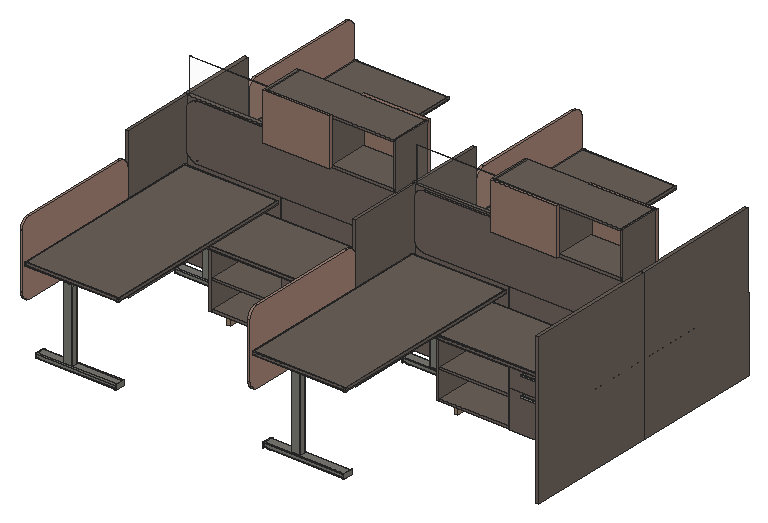
Revit family "T200207", category Furniture, Revit 2018 (continued)
Definition of nested family "STAKS I-BEAM SUPPORTS"
  Types (12): name | Model | Description | Width
    STAKS I-BEAM SUPPORT 70 | "6-RSR-70/16" | "OFS STAKS I-BEAM SUPPORT 70\" Width, x 16\" Depth, Allows for Ideal Position Facilitating a Balanced Leg Design" | 5' - 10"
    STAKS I-BEAM SUPPORT 76 | "6-RSR-76/16" | "OFS STAKS I-BEAM SUPPORT 76\" Width, x 16\" Depth, Allows for Ideal Position Facilitating a Balanced Leg Design" | 6' - 4"
    STAKS I-BEAM SUPPORT 82 | "6-RSR-82/16" | "OFS STAKS I-BEAM SUPPORT 82\" Width, x 16\" Depth, Allows for Ideal Position Facilitating a Balanced Leg Design" | 6' - 10"
  Reference planes (in)
    plane 1: z = 0
    plane 2 "Right": x = 20.97711
    plane 3: x = 12.97711
    plane 4: y = 8.62535
    plane 5: y = 4.00035
    plane 6: y = 20.00035
    plane 7: x = 28.97711
    plane 8: y = 15.37535
    plane 9: z = 0
    plane 10: z = 3.5
    plane 11: x = 13.97711
    plane 12: x = 27.97711
    plane 13: y = 14.37535
    plane 14: y = 9.62535
  Forms (in)
    Extrusion 1, solid, material <- "Support Material"
      sketch origin (0, 0, 0) x (1, 0, 0) y (0, 1, 0)
        loop
          line (13.97711, 15.37535) -> (13.97711, 20.00035) -> (12.97711, 20.00035) -> (12.97711, 4.00035) -> (13.97711, 4.00035) -> (13.97711, 8.62535) -> (27.97711, 8.62535) -> (27.97711, 4.00035) -> (28.97711, 4.00035) -> (28.97711, 20.00035) -> (27.97711, 20.00035) -> (27.97711, 15.37535) -> (13.97711, 15.37535)
        loop
          line (13.97711, 14.37535) -> (13.97711, 9.62535) -> (27.97711, 9.62535) -> (27.97711, 14.37535) -> (13.97711, 14.37535)
      from 0 to 3.5
  Dimensions and locks (in)
    plane 5 to plane 4 to plane 14 = 0' - 4 5/8" locked, 0' - 1" locked
    "Width": plane 3 to plane 7
    equal spacing: plane 3, plane 2 "Right", plane 7
    plane 13 to plane 8 to plane 6 = 0' - 1" locked, 0' - 4 5/8" locked
    "Depth": plane 5 to plane 6
    "Cushion Thickness": plane 10 to plane 9
    "Height": plane 9 to level
    locked: plane 3 to plane 11 at 1
    locked: plane 12 to plane 7 at 1
    aligned and locked: level to plane 1
    aligned and locked: plane 8 to Extrusion 1 sketch curve
    aligned and locked: plane 13 to Extrusion 1 sketch curve
    aligned and locked: Extrusion 1 sketch curve to plane 12  (x2)
    aligned and locked: plane 6 to Extrusion 1 sketch curve  (x2)
    aligned and locked: Extrusion 1 sketch curve to plane 7
    aligned and locked: plane 12 to Extrusion 1 sketch curve
    aligned and locked: Extrusion 1 sketch curve to plane 4
    aligned and locked: Extrusion 1 sketch curve to plane 11  (x2)
    aligned and locked: Extrusion 1 sketch curve to plane 5
    aligned and locked: plane 3 to Extrusion 1 sketch curve
    aligned and locked: plane 11 to Extrusion 1 sketch curve
    aligned and locked: plane 14 to Extrusion 1 sketch curve
    aligned and locked: plane 10 to Extrusion 1
    aligned and locked: Extrusion 1 to plane 9
  Automatic sketch dimensions
    plane 5 to Extrusion 1 sketch curve = 0' - 0"
Definition of nested family "STAKS LOW HEIGHT OPEN SHELF PEDESTAL - WITH RISER SUPPORT"
  Parameters (values of type "STAKS LOW HEIGHT OPEN SHELF PEDESTAL - WITH RISER SUPPORT 24 x 19")
    URL = "http://www.ofs.com/"
    Riser Support = 0' - 3 1/2"
    Model = "6-RL2419MPD6"
    Manufacturer = "OFS"
    Height = 1' - 6 3/8"
    Drawer Material = none
    Drawer Handle Width = 0' - 5.2495"
    Drawer Handle Material = none
    Description = "OFS STAKS LOW HEIGHT OPEN SHELF PEDESTAL - WITH RISER SUPPORT 24\"W x 19\" D, One Adjustable Shelf, One Stationary Shelf, Use with 22\"D Worksurfaces"
    Width = 2' - 0"
    Depth = 1' - 7 3/8"
    DH2 = 0' - 6 1/2"
    DH1 = 0' - 10"
    Copyright © = "© 2018 OFS"
    Chasis Material = none
    Catalog = "https://ofs.com/products/casegoods/private-office/staks"
    Board Thickness = 0' - 0 3/4"
    Authoring Version = "Autodesk Revit Architecture 2013"
    Assembly Code = "E2020200"
  Types (6): name | Model | Drawer Handle Width | Description | Width | Depth
    STAKS LOW HEIGHT OPEN SHELF PEDESTAL - WITH RISER SUPPORT 24 x 19 | "6-RL2419MPD6" | 0' - 5.2495" | "OFS STAKS LOW HEIGHT OPEN SHELF PEDESTAL - WITH RISER SUPPORT 24\"W x 19\" D, One Adjustable Shelf, One Stationary Shelf, Use with 22\"D Worksurfaces" | 2' - 0" | 1' - 7 3/8"
    STAKS LOW HEIGHT OPEN SHELF PEDESTAL - WITH RISER SUPPORT 24 x 22 | "6-RL2422MPD6" | 0' - 5 1/4" | "OFS STAKS LOW HEIGHT OPEN SHELF PEDESTAL - WITH RISER SUPPORT 24\"W x 22\" D, One Adjustable Shelf, One Stationary Shelf, Use with 22\"D Worksurfaces" | 2' - 0" | 1' - 9 7/8"
    STAKS LOW HEIGHT OPEN SHELF PEDESTAL - WITH RISER SUPPORT 30 x 19 | "6-RL3019MPD6" | 0' - 5 1/4" | "OFS STAKS LOW HEIGHT OPEN SHELF PEDESTAL - WITH RISER SUPPORT 30\"W x 19\" D, One Adjustable Shelf, One Stationary Shelf, Use with 22\"D Worksurfaces" | 2' - 6" | 1' - 7 3/8"
    STAKS LOW HEIGHT OPEN SHELF PEDESTAL - WITH RISER SUPPORT 30 x 22 | "6-RL3022MPD6" | 0' - 5 1/4" | "OFS STAKS LOW HEIGHT OPEN SHELF PEDESTAL - WITH RISER SUPPORT 30\"W x 22\" D, One Adjustable Shelf, One Stationary Shelf, Use with 22\"D Worksurfaces" | 2' - 6" | 1' - 9 7/8"
    STAKS LOW HEIGHT OPEN SHELF PEDESTAL - WITH RISER SUPPORT 36 x 22 | "6-RL3622MPD6" | 0' - 5 1/4" | "OFS STAKS LOW HEIGHT OPEN SHELF PEDESTAL - WITH RISER SUPPORT 36\"W x 22\" D, One Adjustable Shelf, One Stationary Shelf, Use with 22\"D Worksurfaces" | 3' - 0" | 1' - 9 7/8"
    STAKS LOW HEIGHT OPEN SHELF PEDESTAL - WITH RISER SUPPORT 36 x 19 | "6-RL2419MPD6" | 0' - 5 1/4" | "OFS STAKS LOW HEIGHT OPEN SHELF PEDESTAL - WITH RISER SUPPORT 36\"W x 19\" D, One Adjustable Shelf, One Stationary Shelf, Use with 22\"D Worksurfaces" | 3' - 0" | 1' - 7 3/8"
  Reference planes (in)
    plane 1: z = 0
    plane 2 "Right": x = 20.97711
    plane 3: z = 21.875
    plane 4: z = 13.5
    plane 5: z = 13.375
    plane 6: z = 3.5
    plane 7: z = 13.125
    plane 8: z = 21.625
    plane 9: z = 12.656
    plane 10: z = 21.15625
    plane 11: x = 8.97711
    plane 12: y = 1.37535
    plane 13: y = 0.62535
    plane 14: x = 9.03961
    plane 15: x = 32.91411
    plane 16: x = 9.72711
    plane 17: y = 20.00035
    plane 18: x = 32.97711
    plane 19: x = 32.22711
    plane 20: y = -0.18715
    plane 21: y = -0.37465
    plane 22: z = 20
    plane 23: z = 19.875
    plane 24: z = 19.625
    plane 25: z = 19.156
    plane 26: z = 3.75
    plane 27: y = 19.25035
    plane 28: z = 4.25
    plane 29: y = 16.75035
    plane 30: y = 4.37535
    plane 31: y = 8.37535
    plane 32: y = 12.75035
    plane 33: y = 5.00035
    plane 34: y = 13.37535
    plane 35: z = 22
    plane 36: z = 20.375
    plane 37: x = 21.35211
    plane 38: x = 20.60211
    plane 39: x = 21.00836
    plane 40: x = 20.94586
    plane 41: x = 14.99274
    plane 42: x = 17.61749
    plane 43: x = 12.36799
    plane 44: x = 12.74299
    plane 45: x = 17.24249
    plane 46: x = 26.96124
    plane 47: x = 24.33649
    plane 48: x = 29.58599
    plane 49: x = 29.21099
    plane 50: x = 24.71149
  Forms (in)
    Extrusion 1, solid, material <- "Chasis Material"
      sketch origin (-3, -1.24965, 0) x (1, 0, 0) y (0, 0, 1)
        loop
          line (11.97711, 3.5) -> (12.72711, 3.5) -> (12.72711, 21.875) -> (11.97711, 21.875) -> (11.97711, 3.5)
      from -21.25 to -2.625
    Extrusion 2, solid, material <- "Chasis Material"
      sketch origin (19.35211, 31.02324, 0) x (0, 1, 0) y (0, 0, 1)
        loop
          line (-11.77289, 3.5) -> (-11.02289, 3.5) -> (-11.02289, 21.875) -> (-11.77289, 21.875) -> (-11.77289, 3.5)
      from -9.625 to 12.875
    Extrusion 3, solid, material <- "Chasis Material"
      sketch origin (0, 0, 0) x (1, 0, 0) y (0, 1, 0)
        loop
          line (32.97711, 20.00035) -> (32.22711, 20.00035) -> (32.22711, 1.37535) -> (32.97711, 1.37535) -> (32.97711, 20.00035)
      from 3.5 to 21.875
    Extrusion 4, solid, material <- "Chasis Material"
      sketch origin (-29.79592, -1.62465, 7.24693) x (1, 0, 0) y (0, 0, 1)
        loop
          line (39.52304, 13.90932) -> (62.02304, 13.90932) -> (62.02304, 14.62807) -> (39.52304, 14.62807) -> (39.52304, 13.90932)
      from -20.875 to -3
    Extrusion 5, solid, material <- "Chasis Material"
      sketch origin (-31.5409, -1.62465, -42.72261) x (1, 0, 0) y (0, 0, 1)
        loop
          line (41.26801, 46.22261) -> (63.76801, 46.22261) -> (63.76801, 46.97261) -> (41.26801, 46.97261) -> (41.26801, 46.22261)
      from -20.875 to -3
    Extrusion 6, solid
      sketch origin (0, 0, 0) x (1, 0, 0) y (0, 1, 0)
        loop
          line (9.03961, 20.00035) -> (9.03961, 1.62535) -> (32.91411, 1.62535) -> (32.91411, 20.00035) -> (9.03961, 20.00035)
        loop
          line (32.22711, 2.37535) -> (32.22711, 10.12535) -> (9.72711, 10.12535) -> (9.72711, 2.37535) -> (32.22711, 2.37535)
        loop
          line (32.22711, 10.75035) -> (32.22711, 19.25035) -> (9.72711, 19.25035) -> (9.72711, 10.75035) -> (32.22711, 10.75035)
      from 21.875 to 22
    Extrusion 7, solid, material <- "Chasis Material"
      sketch origin (41.95422, 1.87535, 0) x (-1, 0, 0) y (0, 0, -1)
        loop
          line (9.72711, -13.375) -> (32.22711, -13.375) -> (32.22711, -12.656) -> (9.72711, -12.656) -> (9.72711, -13.375)
      from -17.375 to 0.5
  Dimensions and locks (in)
    "Board Thickness": plane 13 to plane 12
    locked: plane 11 to plane 14 at 0.0625
    "Board Thickness": plane 11 to plane 16
    locked: plane 15 to plane 18 at 0.063
    "Width": plane 11 to plane 18
    Extrusion 3 sketch curve to plane 18 = 0' - 0 3/4"
    "Board Thickness": plane 19 to plane 18
    equal spacing: plane 11, plane 2 "Right", plane 18
    plane 21 to plane 20 to plane 13 = 0' - 0 3/16" locked, 0' - 0 13/16" locked
    "Riser Support": plane 6 to level
    "Height": plane 3 to plane 6
    "DH1": plane 4 to plane 6
    "DH2": plane 22 to plane 4
    locked: plane 26 to plane 6 at 0.25
    "Board Thickness": plane 27 to plane 17
    "Depth": plane 13 to plane 17
    plane 4 to plane 5 to plane 7 to plane 9 = 0' - 0 1/8" locked, 0' - 0 1/4" locked, 0' - 0.469" locked
    plane 22 to plane 23 to plane 24 to plane 25 = 0' - 0 1/8" locked, 0' - 0 1/4" locked, 0' - 0.469" locked
    plane 3 to plane 8 to plane 10 = 0' - 0 1/4" locked, 0' - 0 15/32" locked
    "Board Thickness": plane 28 to plane 6
    plane 12 to plane 30 to plane 31 = 0' - 3" locked, 0' - 4" locked
    plane 32 to plane 29 to plane 27 = 0' - 4" locked, 0' - 2 1/2" locked
    locked: plane 30 to plane 33 at 0.625
    locked: plane 32 to plane 34 at 0.625
    locked: plane 35 to plane 3 at 0.125
    "Board Thickness": plane 36 to plane 24
    equal spacing: plane 38, plane 2 "Right", plane 37
    "Board Thickness": plane 38 to plane 37
    equal spacing: plane 40, plane 2 "Right", plane 39
    equal spacing: plane 14, plane 41, plane 40
    equal spacing: plane 43, plane 41, plane 42
    "Drawer Handle Width": plane 43 to plane 42
    locked: plane 43 to plane 44 at 0.375
    locked: plane 45 to plane 42 at 0.375
    equal spacing: plane 15, plane 46, plane 39
    equal spacing: plane 48, plane 46, plane 47
    "Drawer Handle Width": plane 48 to plane 47
    locked: plane 48 to plane 49 at 0.375
    locked: plane 50 to plane 47 at 0.375
    aligned and locked: level to plane 1
    aligned and locked: plane 12 to Extrusion 1
    aligned and locked: Extrusion 1 to plane 17
    aligned and locked: Extrusion 2 to plane 16
    aligned and locked: plane 16 to Extrusion 1
    aligned and locked: Extrusion 1 to plane 11
    aligned and locked: Extrusion 2 to plane 17
    aligned and locked: plane 19 to Extrusion 2
    aligned and locked: plane 3 to Extrusion 1
    aligned and locked: plane 3 to Extrusion 2
    aligned and locked: Extrusion 3 to plane 19
    aligned and locked: plane 3 to Extrusion 3
    aligned and locked: Extrusion 3 to plane 6
    aligned and locked: plane 3 to Extrusion 4
    aligned and locked: Extrusion 4 to plane 10
    aligned and locked: plane 19 to Extrusion 4
    aligned and locked: Extrusion 4 to plane 16
    aligned and locked: plane 28 to Extrusion 5
    aligned and locked: Extrusion 5 to plane 6
    aligned and locked: Extrusion 5 to plane 27
    aligned and locked: plane 12 to Extrusion 5
    aligned and locked: plane 19 to Extrusion 5
    aligned and locked: Extrusion 5 to plane 16
    aligned and locked: Extrusion 6 to plane 3
    aligned and locked: plane 35 to Extrusion 6
    aligned and locked: Extrusion 4 to plane 27
    aligned and locked: plane 12 to Extrusion 4
    aligned and locked: Extrusion 7 to plane 9
    aligned and locked: plane 5 to Extrusion 7
    aligned and locked: plane 19 to Extrusion 7
    aligned and locked: Extrusion 7 to plane 27
    aligned and locked: plane 12 to Extrusion 7
    aligned and locked: Extrusion 6 sketch curve to plane 17
    aligned and locked: Extrusion 6 sketch curve to plane 27
    aligned and locked: plane 16 to Extrusion 6 sketch curve
    aligned and locked: plane 19 to Extrusion 6 sketch curve
    aligned and locked: Extrusion 2 to plane 6
    aligned and locked: Extrusion 1 to plane 6
    aligned and locked: Extrusion 7 to plane 16
  Automatic sketch dimensions
    level to Extrusion 1 sketch curve = 0' - 3 1/2"
    Extrusion 1 sketch curve to plane 11 = 0' - 0"
    Extrusion 1 sketch curve to plane 3 = 0' - 0"
    Extrusion 1 sketch curve to plane 16 = 0' - 0"
    level to Extrusion 2 sketch curve = 0' - 3 1/2"
    Extrusion 2 sketch curve to plane 3 = 0' - 0"
    Extrusion 2 sketch curve to plane 17 = 0' - 0"
    plane 27 to Extrusion 2 sketch curve = 0' - 0"
    plane 12 to Extrusion 3 sketch curve = 0' - 0"
    Extrusion 3 sketch curve to plane 18 = 0' - 0"
    plane 17 to Extrusion 3 sketch curve = 0' - 0"
    Extrusion 4 sketch curve to plane 10 = 0' - 0"
    Extrusion 4 sketch curve to plane 16 = 0' - 0"
    Extrusion 4 sketch curve to plane 3 = 0' - 0"
    Extrusion 4 sketch curve to plane 19 = 0' - 0"
    level to Extrusion 5 sketch curve = 0' - 3 1/2"
    Extrusion 5 sketch curve to plane 16 = 0' - 0"
    Extrusion 5 sketch curve to plane 19 = 0' - 0"
    Extrusion 5 sketch curve to plane 28 = 0' - 0"
    Extrusion 7 sketch curve to plane 9 = 0' - 0"
    Extrusion 7 sketch curve to plane 19 = 0' - 0"
    Extrusion 7 sketch curve to plane 37 = 0' - 11 5/8"
    Extrusion 7 sketch curve to plane 5 = 0' - 0"
    Extrusion 6 sketch curve to plane 14 = 0' - 0"
    Extrusion 6 sketch curve to plane 16 = 0' - 0"
    Extrusion 6 sketch curve to plane 19 = 0' - 0"
    Extrusion 6 sketch curve to plane 15 = 0' - 0"
    plane 32 to Extrusion 6 sketch curve = 0' - 2 5/8"
    plane 34 to Extrusion 6 sketch curve = 0' - 2 5/8"
    Extrusion 6 sketch curve to plane 13 = 0' - 1"
    Extrusion 6 sketch curve to plane 12 = 0' - 1"
Definition of nested family "STAKS LOW HEIGHT PEDESTAL WIDE - BOX-FILE - WITH RISER SUPPORT"
  Parameters (values of type "STAKS LOW HEIGHT PEDESTAL WIDE - BOX-FILE - WITH RISER SUPPORT 24in W x 19in D")
    URL = "http://www.ofs.com/"
    Riser Support = 0' - 3 1/2"
    Model = "6-RL2419MPD11"
    Manufacturer = "OFS"
    Height = 1' - 6 3/8"
    Drawer Material = none
    Drawer Handle Width = 1' - 3 1/8"
    Drawer Handle Material = none
    Description = "OFS STAKS LOW HEIGHT PEDESTAL WIDE - BOX-FILE - WITH RISER SUPPORT 24\" Width, 19\" Depth, One Box Drawer, One File Drawer, Use with 22\"D Worksurfaces"
    Width = 2' - 0"
    Depth = 1' - 7 3/8"
    DH2 = 0' - 6 1/2"
    DH1 = 1' - 0 3/8"
    Copyright © = "© 2018 OFS"
    Chasis Material = none
    Catalog = "https://ofs.com/products/casegoods/private-office/staks"
    Board Thickness = 0' - 0 3/4"
    Authoring Version = "Autodesk Revit Architecture 2013"
    Assembly Code = "E2020200"
  Types (6): name | Model | Description | Width | Depth
    STAKS LOW HEIGHT PEDESTAL WIDE - BOX-FILE - WITH RISER SUPPORT 24in W x 19in D | "6-RL2419MPD11" | "OFS STAKS LOW HEIGHT PEDESTAL WIDE - BOX-FILE - WITH RISER SUPPORT 24\" Width, 19\" Depth, One Box Drawer, One File Drawer, Use with 22\"D Worksurfaces" | 2' - 0" | 1' - 7 3/8"
    STAKS LOW HEIGHT PEDESTAL WIDE - BOX-FILE - WITH RISER SUPPORT 24in W x 22in D | "6-RL2422MPD11" | "OFS STAKS LOW HEIGHT PEDESTAL WIDE - BOX-FILE - WITH RISER SUPPORT 24\" Width, 22\" Depth, One Box Drawer, One File Drawer, Use with 22\"D Worksurfaces" | 2' - 0" | 1' - 9 7/8"
    STAKS LOW HEIGHT PEDESTAL WIDE - BOX-FILE - WITH RISER SUPPORT 30in W x 19in D | "6-RL3019MPD11" | "OFS STAKS LOW HEIGHT PEDESTAL WIDE - BOX-FILE - WITH RISER SUPPORT 30\" Width, 19\" Depth, One Box Drawer, One File Drawer, Use with 22\"D Worksurfaces" | 2' - 6" | 1' - 7 3/8"
    STAKS LOW HEIGHT PEDESTAL WIDE - BOX-FILE - WITH RISER SUPPORT 30in W x 22in D | "6-RL3022MPD11" | "OFS STAKS LOW HEIGHT PEDESTAL WIDE - BOX-FILE - WITH RISER SUPPORT 30\" Width, 22\" Depth, One Box Drawer, One File Drawer, Use with 22\"D Worksurfaces" | 2' - 6" | 1' - 9 7/8"
    STAKS LOW HEIGHT PEDESTAL WIDE - BOX-FILE - WITH RISER SUPPORT 36in W x 19in D | "6-RL3619MPD11" | "OFS STAKS LOW HEIGHT PEDESTAL WIDE - BOX-FILE - WITH RISER SUPPORT 36\" Width, 19\" Depth, One Box Drawer, One File Drawer, Use with 22\"D Worksurfaces" | 3' - 0" | 1' - 7 3/8"
    STAKS LOW HEIGHT PEDESTAL WIDE - BOX-FILE - WITH RISER SUPPORT 36in W x 22in D | "6-RL3622MPD11" | "OFS STAKS LOW HEIGHT PEDESTAL WIDE - BOX-FILE - WITH RISER SUPPORT 36\" Width, 22\" Depth, One Box Drawer, One File Drawer, Use with 22\"D Worksurfaces" | 3' - 0" | 1' - 9 7/8"
  Reference planes (in)
    plane 1: z = 0
    plane 2 "Right": x = 20.97711
    plane 3: z = 21.875
    plane 4: z = 15.875
    plane 5: z = 15.75
    plane 6: z = 3.5
    plane 7: z = 15.5
    plane 8: z = 21.625
    plane 9: z = 15.031
    plane 10: z = 21.15625
    plane 11: x = 8.97711
    plane 12: y = 1.37535
    plane 13: y = 0.62535
    plane 14: x = 9.03961
    plane 15: x = 32.91411
    plane 16: x = 9.72711
    plane 17: y = 20.00035
    plane 18: x = 32.97711
    plane 19: x = 32.22711
    plane 20: x = 13.41461
    plane 21: x = 13.78961
    plane 22: x = 28.53961
    plane 23: x = 28.16461
    plane 24: y = -0.18715
    plane 25: y = -0.37465
    plane 26: z = 3.75
    plane 27: y = 19.25035
    plane 28: z = 4.25
    plane 29: y = 16.75035
    plane 30: y = 4.37535
    plane 31: y = 8.37535
    plane 32: y = 12.75035
    plane 33: y = 5.00035
    plane 34: y = 13.37535
    plane 35: z = 22
  Forms (in)
    Extrusion 1, solid, material <- "Drawer Material"
      sketch origin (20.35211, 5, -13.1802) x (0, 1, 0) y (0, 0, 1)
        loop
          line (-4.37465, 28.9302) -> (-4.37465, 16.9302) -> (-3.62465, 16.9302) -> (-3.62465, 28.9302) -> (-4.37465, 28.9302)
      from -11.3125 to 12.562
    Extrusion 2, solid, material <- "Drawer Material"
      sketch origin (20.35211, 2.25, -7.68015) x (0, 1, 0) y (0, 0, 1)
        loop
          line (-1.62465, 29.55515) -> (-1.62465, 23.55515) -> (-0.87465, 23.55515) -> (-0.87465, 29.55515) -> (-1.62465, 29.55515)
      from -11.3125 to 12.562
    Extrusion 3, solid, material <- "Chasis Material"
      sketch origin (-3, -1.24965, 0) x (1, 0, 0) y (0, 0, 1)
        loop
          line (11.97711, 3.5) -> (12.72711, 3.5) -> (12.72711, 21.875) -> (11.97711, 21.875) -> (11.97711, 3.5)
      from -21.25 to -2.625
    Extrusion 4, solid, material <- "Chasis Material"
      sketch origin (19.35211, 31.02324, 0) x (0, 1, 0) y (0, 0, 1)
        loop
          line (-11.77289, 3.5) -> (-11.02289, 3.5) -> (-11.02289, 21.875) -> (-11.77289, 21.875) -> (-11.77289, 3.5)
      from -9.625 to 12.875
    Extrusion 5, solid, material <- "Drawer Handle Material"
      sketch origin (9, 0, 9.60933) x (1, 0, 0) y (0, 1, 0)
        loop
          line (4.41461, 0.62535) -> (4.41461, -0.37465) -> (19.53961, -0.37465) -> (19.53961, 0.62535) -> (19.16461, 0.62535) -> (19.16461, -0.18715) -> (4.78961, -0.18715) -> (4.78961, 0.62535) -> (4.41461, 0.62535)
      from 5.42167 to 5.89067
    Extrusion 6, solid, material <- "Drawer Handle Material"
      sketch origin (9, 0, 20.67137) x (1, 0, 0) y (0, 1, 0)
        loop
          line (4.41461, 0.62535) -> (4.41461, -0.37465) -> (19.53961, -0.37465) -> (19.53961, 0.62535) -> (19.16461, 0.62535) -> (19.16461, -0.18715) -> (4.78961, -0.18715) -> (4.78961, 0.62535) -> (4.41461, 0.62535)
      from 0.48488 to 0.95363
    Extrusion 7, solid, material <- "Chasis Material"
      sketch origin (0, 0, 0) x (1, 0, 0) y (0, 1, 0)
        loop
          line (32.97711, 20.00035) -> (32.22711, 20.00035) -> (32.22711, 1.37535) -> (32.97711, 1.37535) -> (32.97711, 20.00035)
      from 3.5 to 21.875
    Extrusion 8, solid, material <- "Chasis Material"
      sketch origin (-29.79592, -7.12465, 7.24693) x (1, 0, 0) y (0, 0, 1)
        loop
          line (39.52304, 13.90932) -> (62.02304, 13.90932) -> (62.02304, 14.62807) -> (39.52304, 14.62807) -> (39.52304, 13.90932)
      from -26.375 to -8.5
    Extrusion 9, solid, material <- "Chasis Material"
      sketch origin (-31.5409, -1.62465, -42.72261) x (1, 0, 0) y (0, 0, 1)
        loop
          line (41.26801, 46.22261) -> (63.76801, 46.22261) -> (63.76801, 46.97261) -> (41.26801, 46.97261) -> (41.26801, 46.22261)
      from -20.875 to -3
    Extrusion 10, solid
      sketch origin (0, 0, 0) x (1, 0, 0) y (0, 1, 0)
        loop
          line (32.91411, 20.00035) -> (32.22711, 20.00035) -> (32.22711, 1.37535) -> (32.91411, 1.37535) -> (32.91411, 20.00035)
        loop
          line (9.03961, 20.00035) -> (9.03961, 1.37535) -> (9.72711, 1.37535) -> (9.72711, 20.00035) -> (9.03961, 20.00035)
      from 21.875 to 22
  Dimensions and locks (in)
    "Board Thickness": plane 13 to plane 12
    locked: plane 11 to plane 14 at 0.0625
    "Board Thickness": plane 11 to plane 16
    locked: plane 15 to plane 18 at 0.063
    "Width": plane 11 to plane 18
    Extrusion 7 sketch curve to plane 18 = 0' - 0 3/4"
    "Board Thickness": plane 19 to plane 18
    equal spacing: plane 11, plane 2 "Right", plane 18
    locked: plane 20 to plane 21 at 0.375
    locked: plane 23 to plane 22 at 0.375
    equal spacing: plane 20, plane 2 "Right", plane 22
    "Drawer Handle Width": plane 20 to plane 22
    plane 25 to plane 24 to plane 13 = 0' - 0 3/16" locked, 0' - 0 13/16" locked
    "Riser Support": plane 6 to level
    "Height": plane 3 to plane 6
    "DH1": plane 4 to plane 6
    locked: plane 26 to plane 6 at 0.25
    "Board Thickness": plane 27 to plane 17
    "Depth": plane 13 to plane 17
    plane 4 to plane 5 to plane 7 to plane 9 = 0' - 0 1/8" locked, 0' - 0 1/4" locked, 0' - 0.469" locked
    plane 3 to plane 8 to plane 10 = 0' - 0 1/4" locked, 0' - 0 15/32" locked
    "Board Thickness": plane 28 to plane 6
    plane 12 to plane 30 to plane 31 = 0' - 3" locked, 0' - 4" locked
    plane 32 to plane 29 to plane 27 = 0' - 4" locked, 0' - 2 1/2" locked
    locked: plane 30 to plane 33 at 0.625
    locked: plane 32 to plane 34 at 0.625
    locked: plane 35 to plane 3 at 0.125
    aligned and locked: level to plane 1
    aligned and locked: Extrusion 1 to plane 14
    aligned and locked: plane 15 to Extrusion 1
    aligned and locked: Extrusion 2 to plane 12
    aligned and locked: plane 13 to Extrusion 2
    aligned and locked: plane 15 to Extrusion 2
    aligned and locked: Extrusion 2 to plane 14
    aligned and locked: plane 12 to Extrusion 3
    aligned and locked: Extrusion 3 to plane 17
    aligned and locked: Extrusion 4 to plane 16
    aligned and locked: plane 16 to Extrusion 3
    aligned and locked: Extrusion 3 to plane 11
    aligned and locked: Extrusion 4 to plane 17
    aligned and locked: Extrusion 1 sketch curve to plane 12
    aligned and locked: plane 13 to Extrusion 1 sketch curve
    aligned and locked: plane 19 to Extrusion 4
    aligned and locked: plane 3 to Extrusion 3
    aligned and locked: Extrusion 6 to plane 22
    aligned and locked: Extrusion 5 to plane 22
    aligned and locked: plane 23 to Extrusion 6
    aligned and locked: plane 23 to Extrusion 5
    aligned and locked: plane 21 to Extrusion 6
    aligned and locked: plane 21 to Extrusion 5
    aligned and locked: Extrusion 6 to plane 20
    aligned and locked: Extrusion 5 to plane 20
    aligned and locked: plane 24 to Extrusion 6
    aligned and locked: plane 7 to Extrusion 5
    aligned and locked: Extrusion 5 to plane 9
    aligned and locked: plane 3 to Extrusion 4
    aligned and locked: Extrusion 1 to plane 26
    aligned and locked: Extrusion 7 to plane 19
    aligned and locked: plane 3 to Extrusion 7
    aligned and locked: Extrusion 7 to plane 6
    aligned and locked: plane 3 to Extrusion 8
    aligned and locked: Extrusion 8 to plane 10
    aligned and locked: plane 28 to Extrusion 9
    aligned and locked: Extrusion 9 to plane 6
    aligned and locked: Extrusion 9 to plane 27
    aligned and locked: plane 12 to Extrusion 9
    aligned and locked: plane 19 to Extrusion 9
    aligned and locked: Extrusion 9 to plane 16
    aligned and locked: Extrusion 10 to plane 3
    aligned and locked: plane 35 to Extrusion 10
    aligned and locked: plane 3 to Extrusion 2
    aligned and locked: plane 8 to Extrusion 6
    aligned and locked: Extrusion 6 to plane 10
    aligned and locked: Extrusion 8 to plane 27
    aligned and locked: plane 12 to Extrusion 8
  Automatic sketch dimensions
    Extrusion 1 sketch curve to plane 26 = 0' - 0"
    Extrusion 1 sketch curve to plane 5 = 0' - 0"
    Extrusion 2 sketch curve to plane 13 = 0' - 0"
    Extrusion 2 sketch curve to plane 4 = 0' - 0"
    Extrusion 2 sketch curve to plane 12 = 0' - 0"
    Extrusion 3 sketch curve to plane 6 = 0' - 0"
    Extrusion 3 sketch curve to plane 11 = 0' - 0"
    Extrusion 3 sketch curve to plane 3 = 0' - 0"
    Extrusion 3 sketch curve to plane 16 = 0' - 0"
    Extrusion 4 sketch curve to plane 6 = 0' - 0"
    Extrusion 4 sketch curve to plane 3 = 0' - 0"
    Extrusion 4 sketch curve to plane 17 = 0' - 0"
    plane 27 to Extrusion 4 sketch curve = 0' - 0"
    plane 13 to Extrusion 5 sketch curve = 0' - 0"  (x2)
    Extrusion 5 sketch curve to plane 20 = 0' - 0"
    Extrusion 5 sketch curve to plane 21 = 0' - 0"
    Extrusion 5 sketch curve to plane 23 = 0' - 0"
    Extrusion 5 sketch curve to plane 22 = 0' - 0"
    plane 25 to Extrusion 5 sketch curve = 0' - 0"
    plane 24 to Extrusion 5 sketch curve = 0' - 0"
    plane 13 to Extrusion 6 sketch curve = 0' - 0"  (x2)
    Extrusion 6 sketch curve to plane 20 = 0' - 0"
    Extrusion 6 sketch curve to plane 21 = 0' - 0"
    Extrusion 6 sketch curve to plane 23 = 0' - 0"
    Extrusion 6 sketch curve to plane 22 = 0' - 0"
    plane 25 to Extrusion 6 sketch curve = 0' - 0"
    plane 24 to Extrusion 6 sketch curve = 0' - 0"
    plane 12 to Extrusion 7 sketch curve = 0' - 0"
    Extrusion 7 sketch curve to plane 18 = 0' - 0"
    plane 17 to Extrusion 7 sketch curve = 0' - 0"
    Extrusion 8 sketch curve to plane 10 = 0' - 0"
    Extrusion 8 sketch curve to plane 16 = 0' - 0"
    Extrusion 8 sketch curve to plane 3 = 0' - 0"
    Extrusion 8 sketch curve to plane 19 = 0' - 0"
    plane 14 to Extrusion 9 sketch curve = 0' - 0 11/16"
    Extrusion 9 sketch curve to plane 6 = 0' - 0"
    plane 6 to Extrusion 9 sketch curve = 0' - 0 3/4"
    Extrusion 9 sketch curve to plane 19 = 0' - 0"
    Extrusion 10 sketch curve to plane 14 = 0' - 0"
    Extrusion 10 sketch curve to plane 15 = 0' - 0"
    Extrusion 10 sketch curve to plane 13 = 0' - 0 3/4"  (x2)
    Extrusion 10 sketch curve to plane 19 = 0' - 0"
    plane 17 to Extrusion 10 sketch curve = 0' - 0"  (x2)
    plane 4 to Extrusion 2 sketch curve = 0' - 6"
    Extrusion 10 sketch curve to plane 16 = 0' - 0"
Definition of nested family "STAKS RECTANGULAR WORKSURFACES Worksurface Height"
  Parameters (values of type "STAKS RECTANGULAR WORKSURFACE 54 x 30")
    URL = "http://www.ofs.com/"
    Height Above Floor [instance] = 2' - 5"
    Height = 0' - 1 1/8"
    Depth = 2' - 6"
    Model = "6-MCT-54/30"
    Manufacturer = "OFS"
    Description = "OFS STAKS 54\" X 30\" RECTANGULAR WORKSURFACE For Worksurface or Low Height Applications, Short Grain"
    Width = 4' - 6"
    Copyright © = "© 2018 OFS"
    Catalog = "https://ofs.com/products/casegoods/private-office/staks"
    Authoring Version = "Autodesk Revit Architecture 2013"
    Assembly Code = "E2020200"
  Types (12): name | Depth | Model | Description | Width
    STAKS RECTANGULAR WORKSURFACE 60 x 30 | 2' - 6" | "6-MCT-60/30" | "OFS STAKS 60\" X 30\" RECTANGULAR WORKSURFACE For Worksurface or Low Height Applications, Short Grain" | 5' - 0"
    STAKS RECTANGULAR WORKSURFACE 66 x 30 | 2' - 6" | "6-MCT-66/30" | "OFS STAKS 66\" X 30\" RECTANGULAR WORKSURFACE For Worksurface or Low Height Applications, Short Grain" | 5' - 6"
    STAKS RECTANGULAR WORKSURFACE 72 x 30 | 2' - 6" | "6-MCT-72/30" | "OFS STAKS 72\" X 30\" RECTANGULAR WORKSURFACE For Worksurface or Low Height Applications, Short Grain" | 6' - 0"
    STAKS RECTANGULAR WORKSURFACE 78 x 30 | 2' - 6" | "6-MCT-78/30" | "OFS STAKS 78\" X 30\" RECTANGULAR WORKSURFACE For Worksurface or Low Height Applications, Short Grain" | 6' - 6"
    STAKS RECTANGULAR WORKSURFACE 84 x 30 | 2' - 6" | "6-MCT-84/30" | "OFS STAKS 84\" X 30\" RECTANGULAR WORKSURFACE For Worksurface or Low Height Applications, Short Grain" | 7' - 0"
    STAKS RECTANGULAR WORKSURFACE 96 x 30 | 2' - 6" | "6-MCT-96/30" | "OFS STAKS 96\" X 30\" RECTANGULAR WORKSURFACE For Worksurface or Low Height Applications, Short Grain" | 8' - 0"
    STAKS RECTANGULAR WORKSURFACE 54 x 30 | 2' - 6" | "6-MCT-54/30" | "OFS STAKS 54\" X 30\" RECTANGULAR WORKSURFACE For Worksurface or Low Height Applications, Short Grain" | 4' - 6"
    STAKS RECTANGULAR WORKSURFACE 60 x 36 | 3' - 0" | "6-MCT-60/36" | "OFS STAKS 60\" X 36\" RECTANGULAR WORKSURFACE For Worksurface or Low Height Applications, Short Grain" | 5' - 0"
    STAKS RECTANGULAR WORKSURFACE 66 x 36 | 3' - 0" | "6-MCT-66/36" | "OFS STAKS 66\" X 36\" RECTANGULAR WORKSURFACE For Worksurface or Low Height Applications, Short Grain" | 5' - 6"
    STAKS RECTANGULAR WORKSURFACE 72 x 36 | 3' - 0" | "6-MCT-72/36" | "OFS STAKS 72\" X 36\" RECTANGULAR WORKSURFACE For Worksurface or Low Height Applications, Short Grain" | 6' - 0"
    STAKS RECTANGULAR WORKSURFACE 78 x 36 | 3' - 0" | "6-MCT-78/36" | "OFS STAKS 78\" X 36\" RECTANGULAR WORKSURFACE For Worksurface or Low Height Applications, Short Grain" | 6' - 6"
    STAKS RECTANGULAR WORKSURFACE 84 x 36 | 3' - 0" | "6-MCT-84/36" | "OFS STAKS 84\" X 36\" RECTANGULAR WORKSURFACE For Worksurface or Low Height Applications, Short Grain" | 7' - 0"
  Reference planes (in)
    plane 1: z = -0.125
    plane 2 "LEFT": x = 7.55498
    plane 3 "RIGHT": x = 61.55498
    plane 4 "BACK": y = -1.83365
    plane 5 "FRONT": y = -31.83365
    plane 6: x = 7.67998
    plane 7: x = 61.42998
    plane 8: y = -1.95865
    plane 9: y = -31.70865
    plane 10: z = 27.75
    plane 11 "SURFACE TOP": z = 28.875
  Forms (in)
    Extrusion 1, solid
      sketch origin (0, 0, 17.125) x (-1, 0, 0) y (0, -1, 0)
        loop
          line (-7.67998, 1.95865) -> (-7.67998, 31.70865) -> (-61.42998, 31.70865) -> (-61.42998, 1.95865) -> (-7.67998, 1.95865)
      from 11.75 to 10.625
    Sweep 2, solid
      path origin (0, 0, 28.875) x (0, 1, 0) y (-1, 0, 0)
        loop
          line (-31.83365, -7.55498) -> (-31.83365, -61.55498) -> (-1.83365, -61.55498) -> (-1.83365, -7.55498) -> (-31.83365, -7.55498)
      profile origin (34.55498, -31.83365, 28.875) x (0, 1, 0) y (0, 0, 1)
        loop
          arc (0.125, 0) -> (0.03661, -0.03661) -> (0, -0.125) r 0.125
          line (0, -0.125) -> (0, -1)
          arc (0, -1) -> (0.03661, -1.08839) -> (0.125, -1.125) r 0.125
          line (0.125, -1.125) -> (0.125, 0)
  Lines and regions (in)
    Masking region 1
      outline origin (0, 0, 16.625) x (-1, 0, 0) y (0, -1, 0)
        loop
          line (-7.67998, 1.95865) -> (-7.55498, 1.83365) -> (-7.55498, 31.83365) -> (-7.67998, 31.70865) -> (-7.67998, 1.95865)
    Masking region 2
      outline origin (0, 0, 16.625) x (-1, 0, 0) y (0, -1, 0)
        loop
          line (-7.55498, 1.83365) -> (-7.67998, 1.95865) -> (-61.42998, 1.95865) -> (-61.55498, 1.83365) -> (-7.55498, 1.83365)
    Masking region 3
      outline origin (0, 0, 16.625) x (-1, 0, 0) y (0, -1, 0)
        loop
          line (-61.55498, 1.83365) -> (-61.42998, 1.95865) -> (-61.42998, 31.70865) -> (-61.55498, 31.83365) -> (-61.55498, 1.83365)
    Masking region 4
      outline origin (0, 0, 16.625) x (-1, 0, 0) y (0, -1, 0)
        loop
          line (-61.55498, 31.83365) -> (-61.42998, 31.70865) -> (-7.67998, 31.70865) -> (-7.55498, 31.83365) -> (-61.55498, 31.83365)
    Masking region 5
      outline origin (0, 0, 16.625) x (-1, 0, 0) y (0, -1, 0)
        loop
          line (-61.42998, 31.70865) -> (-61.42998, 1.95865) -> (-7.67998, 1.95865) -> (-7.67998, 31.70865) -> (-61.42998, 31.70865)
  Dimensions and locks (in)
    "Depth": plane 4 "BACK" to plane 5 "FRONT"
    "Width": plane 2 "LEFT" to plane 3 "RIGHT"
    "Height": plane 11 "SURFACE TOP" to plane 10
    locked: plane 4 "BACK" to plane 8 at 0.125
    locked: plane 2 "LEFT" to plane 6 at 0.125
    locked: plane 7 to plane 3 "RIGHT" at 0.125
    locked: plane 9 to plane 5 "FRONT" at 0.125
    "Height Above Floor": plane 11 "SURFACE TOP" to level
    aligned: level to plane 1
    aligned and locked: plane 8 to Extrusion 1 sketch curve
    aligned and locked: Extrusion 1 sketch curve to plane 6
    aligned and locked: Extrusion 1 sketch curve to plane 9
    aligned and locked: plane 7 to Extrusion 1 sketch curve
    aligned and locked: plane 11 "SURFACE TOP" to Extrusion 1
    aligned and locked: Extrusion 1 to plane 10
    aligned and locked: Sweep 2 sketch curve to plane 5 "FRONT"
    aligned and locked: Sweep 2 sketch curve to plane 2 "LEFT"
    aligned and locked: plane 4 "BACK" to Sweep 2 sketch curve
    aligned and locked: plane 3 "RIGHT" to Sweep 2 sketch curve
  Automatic sketch dimensions
    Masking region 1 sketch curve to plane 6 = 0' - 0"
    Masking region 1 sketch curve to plane 2 "LEFT" = 0' - 0"
    Masking region 1 sketch curve to plane 4 "BACK" = 0' - 0"
    Masking region 1 sketch curve to plane 8 = 0' - 0"
    Masking region 1 sketch curve to plane 9 = 0' - 0"
    Masking region 1 sketch curve to plane 5 "FRONT" = 0' - 0"
    Masking region 2 sketch curve to plane 3 "RIGHT" = 0' - 0"
    Masking region 2 sketch curve to plane 7 = 0' - 0"
    Masking region 2 sketch curve to plane 6 = 0' - 0"
    Masking region 2 sketch curve to plane 2 "LEFT" = 0' - 0"
    Masking region 2 sketch curve to plane 4 "BACK" = 0' - 0"
    Masking region 2 sketch curve to plane 8 = 0' - 0"
    Masking region 3 sketch curve to plane 3 "RIGHT" = 0' - 0"
    Masking region 3 sketch curve to plane 7 = 0' - 0"
    Masking region 3 sketch curve to plane 4 "BACK" = 0' - 0"
    Masking region 3 sketch curve to plane 8 = 0' - 0"
    Masking region 3 sketch curve to plane 9 = 0' - 0"
    Masking region 3 sketch curve to plane 5 "FRONT" = 0' - 0"
    Masking region 4 sketch curve to plane 3 "RIGHT" = 0' - 0"
    Masking region 4 sketch curve to plane 7 = 0' - 0"
    Masking region 4 sketch curve to plane 6 = 0' - 0"
    Masking region 4 sketch curve to plane 2 "LEFT" = 0' - 0"
    Masking region 4 sketch curve to plane 9 = 0' - 0"
    Masking region 4 sketch curve to plane 5 "FRONT" = 0' - 0"
    Masking region 5 sketch curve to plane 7 = 0' - 0"
    Masking region 5 sketch curve to plane 6 = 0' - 0"
    Masking region 5 sketch curve to plane 8 = 0' - 0"
    Masking region 5 sketch curve to plane 9 = 0' - 0"
    Sweep 2 sketch curve to profile plane = 0' - 0"
    Sweep 2 sketch curve to plane 11 "SURFACE TOP" = 0' - 0"
    Sweep 2 sketch curve to profile plane = 0' - 0 1/8"
    Sweep 2 sketch curve to Sweep 2 sketch curve = 0' - 0 7/8"
Definition of nested family "STAKS OFFSET ELECTRIC ADJUSTABLE HEIGHT BASE Rectangular"
  Parameters (values of type "STAKS OFFSET ELECTRIC ADJUSTABLE HEIGHT BASE 20in Rectangular")
    Width = 0' - 3"
    URL = "http://www.ofs.com/"
    Leg Caps Material = none
    Depth = 1' - 4"
    Model = "HA20FRE"
    Manufacturer = "OFS"
    Height [instance] = 2' - 3 7/8"
    Description = "OFS STAKS OFFSET ELECTRIC ADJUSTABLE HEIGHT BASE 20in Rectangular, Use with up to 19.75\"D Rectangular Top"
    D2 = 0' - 11"
    Copyright © = "© 2018 OFS"
    Column and Legs Material = none
    Catalog = "https://ofs.com/products/casegoods/private-office/staks"
    Authoring Version = "Autodesk Revit Architecture 2013"
    Assembly Code = "E2020200"
  Types (3): name | Depth | Model | Description | D2
    STAKS OFFSET ELECTRIC ADJUSTABLE HEIGHT BASE 20in Rectangular | 1' - 4" | "HA20FRE" | "OFS STAKS OFFSET ELECTRIC ADJUSTABLE HEIGHT BASE 20in Rectangular, Use with up to 19.75\"D Rectangular Top" | 0' - 11"
    STAKS OFFSET ELECTRIC ADJUSTABLE HEIGHT BASE 24in Rectangular | 1' - 8" | "HA24FRE" | "OFS STAKS OFFSET ELECTRIC ADJUSTABLE HEIGHT BASE 24in Rectangular, Use with 20\" - 24\"D Rectangular Top" | 1' - 1"
    STAKS OFFSET ELECTRIC ADJUSTABLE HEIGHT BASE 30in Rectangular | 2' - 2" | "HA30FRE" | "OFS STAKS OFFSET ELECTRIC ADJUSTABLE HEIGHT BASE 30in Rectangular, Use with 24.125\" - 30\"D Rectangular Top" | 1' - 4"
  Reference planes (in)
    plane 1: z = 0
    plane 2 "Center (Front/Back)": y = -2.62465
    plane 3 "Center (Left/Right)": x = -18
    plane 4 "H LEG TOP": z = 27.875
    plane 5: x = -15
    plane 6: x = -13.5
    plane 7: y = -13.62465
    plane 8: y = 2.37535
    plane 9 "CENTER": x = -16.5
    plane 10: z = 1.955
    plane 11: z = 0.455
    plane 12: x = -17.5
    plane 13: x = -15.5
    plane 14: y = 1.12535
    plane 15: y = -12.37465
    plane 16: y = -1.12465
    plane 17: y = -4.12465
    plane 18: z = 25.34078
    plane 19: z = 25.875
    plane 20: z = 26.875
    plane 21: y = -4.49965
    plane 22: y = -0.74965
    plane 23: y = -5.99965
    plane 24: y = 0.75035
    plane 25: x = -17.63484
    plane 26: x = -19.13484
    plane 27: y = -13.49965
    plane 28: y = 2.25035
  Forms (in)
    Extrusion 1, solid
      sketch origin (8.306, -1.24965, 17.75) x (0, 0, 1) y (-1, 0, 0)
        loop
          line (-15.795, 26.306) -> (-17.295, 26.306) -> (-17.295, 23.306) -> (-15.795, 23.306) -> (-15.795, 26.306)
      from -3.625 to -3.5
    Revolve 2, solid, material <- "Leg Caps Material"
      sketch origin (-10.53974, 1.12535, 0) x (-1, 0, 0) y (0, 0, 1)
        loop
          line (5.96026, 0.455) -> (5.96026, 0) -> (6.64775, 0) -> (6.64775, 0.19198) -> (6.24151, 0.36125) -> (6.24151, 0.455) -> (5.96026, 0.455)
        axis (5.96026, 0) -> (5.96026, 0.455)
      angle from 0 to 360
    Revolve 3, solid, material <- "Leg Caps Material"
      sketch origin (-10.53974, -12.37465, 0) x (-1, 0, 0) y (0, 0, -1)
        loop
          line (5.96026, -0.455) -> (6.24151, -0.455) -> (6.24151, -0.36125) -> (6.64775, -0.19198) -> (6.64775, 0) -> (5.96026, 0) -> (5.96026, -0.455)
        axis (5.96026, 0) -> (5.96026, -0.455)
      angle from 0 to 360
    Extrusion 4, solid, material <- "Column and Legs Material"
      sketch origin (0, 0, 27.875) x (0, -1, 0) y (1, 0, 0)
        loop
          arc (1.12465, -17.25) -> (1.19787, -17.42678) -> (1.37465, -17.5) r 0.25
          line (1.37465, -17.5) -> (3.87465, -17.5)
          arc (3.87465, -17.5) -> (4.05143, -17.42678) -> (4.12465, -17.25) r 0.25
          line (4.12465, -17.25) -> (4.12465, -15.75)
          arc (4.12465, -15.75) -> (4.05143, -15.57322) -> (3.87465, -15.5) r 0.25
          line (3.87465, -15.5) -> (1.37465, -15.5)
          arc (1.37465, -15.5) -> (1.19787, -15.57322) -> (1.12465, -15.75) r 0.25
          line (1.12465, -15.75) -> (1.12465, -17.25)
      from -25.92 to -2.53422
    Extrusion 5, solid, material <- "Column and Legs Material"
      sketch origin (19.74279, 0.10259, 27.875) x (0, -1, 0) y (1, 0, 0)
        loop
          line (0.85224, -30.69457) -> (0.85224, -37.12762)
          arc (0.85224, -37.12762) -> (0.92547, -37.3044) -> (1.10224, -37.37762) r 0.25
          line (1.10224, -37.37762) -> (4.35224, -37.37762)
          arc (4.35224, -37.37762) -> (4.52902, -37.3044) -> (4.60224, -37.12762) r 0.25
          line (4.60224, -37.12762) -> (4.60224, -30.69457)
          arc (4.60224, -30.69457) -> (4.52902, -30.5178) -> (4.35224, -30.44457) r 0.25
          line (4.35224, -30.44457) -> (1.10224, -30.44457)
          arc (1.10224, -30.44457) -> (0.92547, -30.5178) -> (0.85224, -30.69457) r 0.25
      from -1 to 0
    Blend 6, solid, material <- "Column and Legs Material"
      base sketch origin (0, 0, 27.875) x (0, -1, 0) y (1, 0, 0)
        loop
          line (4.24965, -10.70179) -> (0.99965, -10.70179)
          arc (0.99965, -10.70179) -> (0.82287, -10.77501) -> (0.74965, -10.95179) r 0.25
          line (0.74965, -10.95179) -> (0.74965, -17.38484)
          arc (0.74965, -17.38484) -> (0.82287, -17.56161) -> (0.99965, -17.63484) r 0.25
          line (0.99965, -17.63484) -> (4.24965, -17.63484)
          arc (4.24965, -17.63484) -> (4.42643, -17.56161) -> (4.49965, -17.38484) r 0.25
          line (4.49965, -17.38484) -> (4.49965, -10.95179)
          arc (4.49965, -10.95179) -> (4.42643, -10.77501) -> (4.24965, -10.70179) r 0.25
      top sketch origin (0, 0, 27.875) x (0, -1, 0) y (1, 0, 0)
        loop
          arc (4.12465, -11.45179) -> (4.05143, -11.27501) -> (3.87465, -11.20179) r 0.25
          line (3.87465, -11.20179) -> (1.37465, -11.20179)
          arc (1.37465, -11.20179) -> (1.19787, -11.27501) -> (1.12465, -11.45179) r 0.25
          line (1.12465, -11.45179) -> (1.12465, -17.25)
          arc (1.12465, -17.25) -> (1.19787, -17.42678) -> (1.37465, -17.5) r 0.25
          line (1.37465, -17.5) -> (3.87465, -17.5)
          arc (3.87465, -17.5) -> (4.05143, -17.42678) -> (4.12465, -17.25) r 0.25
          line (4.12465, -17.25) -> (4.12465, -11.45179)
      from -1 to -2
    Extrusion 7, solid, material <- "Column and Legs Material"
      sketch origin (0, 0, 27.875) x (0, -1, 0) y (1, 0, 0)
        loop
          line (3.87465, -15.625) -> (1.37465, -15.625)
          arc (1.37465, -15.625) -> (1.28626, -15.66161) -> (1.24965, -15.75) r 0.125
          line (1.24965, -15.75) -> (1.24965, -17.25)
          arc (1.24965, -17.25) -> (1.28626, -17.33839) -> (1.37465, -17.375) r 0.125
          line (1.37465, -17.375) -> (3.87465, -17.375)
          arc (3.87465, -17.375) -> (3.96304, -17.33839) -> (3.99965, -17.25) r 0.125
          line (3.99965, -17.25) -> (3.99965, -15.75)
          arc (3.99965, -15.75) -> (3.96304, -15.66161) -> (3.87465, -15.625) r 0.125
      from -2.53422 to -2
    Extrusion 8, solid, material <- "Column and Legs Material"
      sketch origin (0, -2.62465, 0) x (1, 0, 0) y (0, 0, 1)
        loop
          line (-17.63484, 27.875) -> (-19.13484, 27.875) -> (-19.13484, 27.75) -> (-17.75984, 27.75) -> (-17.75984, 26.375) -> (-17.63484, 26.375) -> (-17.63484, 27.875)
      from -1.5 to 1.5
    Extrusion 9, solid, material <- "Column and Legs Material"
      sketch origin (-15.75984, 13.13518, 0) x (0, 1, 0) y (0, 0, -1)
        loop
          line (-17.63484, -27.875) -> (-17.63484, -26.375) -> (-17.75984, -26.375) -> (-17.75984, -27.75) -> (-19.13484, -27.75) -> (-19.13484, -27.875) -> (-17.63484, -27.875)
      from -4.55805 to 1.74016
    Extrusion 10, solid, material <- "Column and Legs Material"
      sketch origin (-15.75984, -18.38449, 0) x (0, -1, 0) y (0, 0, 1)
        loop
          line (-17.63484, 27.875) -> (-19.13484, 27.875) -> (-19.13484, 27.75) -> (-17.75984, 27.75) -> (-17.75984, 26.375) -> (-17.63484, 26.375) -> (-17.63484, 27.875)
      from -4.55805 to 1.74016
    Extrusion 11, solid
      sketch origin (8.306, -1.24965, 17.75) x (0, 0, 1) y (-1, 0, 0)
        loop
          line (-15.795, 26.306) -> (-17.295, 26.306) -> (-17.295, 23.306) -> (-15.795, 23.306) -> (-15.795, 26.306)
      from 12.25 to 12.375
    Extrusion 12, solid
      sketch origin (8.306, -1.24965, 17.75) x (0, 0, 1) y (-1, 0, 0)
        loop
          line (-16.045, 26.306) -> (-17.045, 26.306)
          arc (-17.045, 26.306) -> (-17.22178, 26.23278) -> (-17.295, 26.056) r 0.25
          line (-17.295, 26.056) -> (-17.295, 23.556)
          arc (-17.295, 23.556) -> (-17.22178, 23.37922) -> (-17.045, 23.306) r 0.25
          line (-17.045, 23.306) -> (-16.045, 23.306)
          arc (-16.045, 23.306) -> (-15.86822, 23.37922) -> (-15.795, 23.556) r 0.25
          line (-15.795, 23.556) -> (-15.795, 26.056)
          arc (-15.795, 26.056) -> (-15.86822, 26.23278) -> (-16.045, 26.306) r 0.25
      from -3.5 to 12.25
  Dimensions and locks (in)
    "Depth": plane 7 to plane 8
    "Height": plane 4 "H LEG TOP" to plane 1
    equal spacing: plane 3 "Center (Left/Right)", plane 9 "CENTER", plane 5
    "Width": plane 3 "Center (Left/Right)" to plane 5
    plane 10 to plane 11 to plane 1 = 0' - 1 1/2" locked, 0' - 0.455" locked
    locked: plane 13 to plane 5 at 0.5
    locked: plane 3 "Center (Left/Right)" to plane 12 at 0.5
    locked: plane 14 to plane 8 at 1.25
    locked: plane 15 to plane 7 at 1.25
    plane 23 to plane 21 to plane 17 to plane 2 "Center (Front/Back)" to plane 16 to plane 22 to plane 24 = 0' - 1 1/2" locked, 0' - 0 3/8" locked, 0' - 1 1/2" locked, 0' - 1 1/2" locked, 0' - 0 3/8" locked, 0' - 1 1/2" locked
    locked: plane 18 to plane 10 at 23.38578
    locked: plane 4 "H LEG TOP" to plane 20 at 1
    locked: plane 20 to plane 19 at 1
    plane 26 to plane 25 to plane 12 = 0' - 1 1/2" locked, 0' - 0.13484" locked
    locked: plane 7 to plane 27 at 0.125
    locked: plane 8 to plane 28 at 0.125
    "D2": plane 7 to plane 2 "Center (Front/Back)"
    aligned and locked: level to plane 1
    aligned and locked: plane 5 to Extrusion 1
    aligned and locked: Extrusion 1 to plane 3 "Center (Left/Right)"
    aligned and locked: Extrusion 1 to plane 11
    aligned and locked: plane 10 to Extrusion 1
    aligned and locked: Extrusion 4 sketch curve to plane 16
    aligned and locked: Extrusion 4 sketch curve to plane 12
    aligned and locked: Extrusion 4 sketch curve to plane 17
    aligned and locked: plane 13 to Extrusion 4 sketch curve
    aligned and locked: Extrusion 4 to plane 10
    aligned and locked: plane 18 to Extrusion 4
    aligned and locked: plane 14 to Revolve 2
    aligned and locked: plane 15 to Revolve 3
    aligned and locked: Extrusion 5 to plane 22
    aligned and locked: Extrusion 5 to plane 21
    aligned and locked: Extrusion 5 to plane 20
    aligned and locked: Extrusion 5 to plane 4 "H LEG TOP"
    aligned and locked: plane 17 to Blend 6 sketch curve
    aligned and locked: plane 16 to Blend 6 sketch curve
    aligned and locked: plane 20 to Blend 6
    aligned and locked: Blend 6 to plane 19
    aligned and locked: Extrusion 7 to plane 18
    aligned and locked: plane 19 to Extrusion 7
    aligned and locked: Extrusion 8 sketch curve to plane 4 "H LEG TOP"
    aligned and locked: Extrusion 8 sketch curve to plane 25
    aligned and locked: Extrusion 8 sketch curve to plane 26
    aligned and locked: Extrusion 8 sketch curve to Extrusion 8 sketch curve
    aligned and locked: Extrusion 8 to plane 16
    aligned and locked: Extrusion 8 to plane 17
    aligned and locked: Extrusion 9 sketch curve to Extrusion 9 sketch curve
    aligned and locked: Extrusion 9 to plane 12
    aligned and locked: Extrusion 10 sketch curve to Extrusion 10 sketch curve
    aligned and locked: plane 10 to Extrusion 12
    aligned and locked: plane 10 to Extrusion 11
    aligned and locked: plane 5 to Extrusion 12
    aligned and locked: plane 5 to Extrusion 11
    aligned and locked: Extrusion 12 to plane 11
    aligned and locked: Extrusion 11 to plane 11
    aligned and locked: Extrusion 12 to plane 3 "Center (Left/Right)"
    aligned and locked: Extrusion 11 to plane 3 "Center (Left/Right)"
    aligned and locked: plane 7 to Extrusion 11
    aligned and locked: Extrusion 11 to plane 27
    aligned and locked: plane 27 to Extrusion 12
    aligned and locked: Extrusion 1 to plane 28
    aligned and locked: Extrusion 1 to plane 8
    aligned and locked: plane 28 to Extrusion 12
  Automatic sketch dimensions
    Extrusion 1 sketch curve to plane 3 "Center (Left/Right)" = 0' - 0"
    Extrusion 1 sketch curve to plane 11 = 0' - 0"
    Extrusion 1 sketch curve to plane 5 = 0' - 0"
    Extrusion 1 sketch curve to plane 10 = 0' - 0"
    Revolve 2 sketch curve to level = 0' - 0"
    Revolve 2 sketch curve to plane 9 "CENTER" = 0' - 0"  (x2)
    Revolve 2 sketch curve to plane 11 = 0' - 0"
    level to Revolve 2 sketch curve = 0' - 0.19198"
    Revolve 2 sketch curve to Revolve 2 sketch curve = 0' - 0 9/32"
    plane 12 to Revolve 2 sketch curve = 0' - 0 5/16"
    Revolve 2 sketch curve to Revolve 2 sketch curve = 0' - 0 3/32"
    Revolve 2 sketch curve to Revolve 2 sketch curve = 0' - 0.19198"
    Revolve 2 sketch curve to Revolve 2 sketch curve = 0' - 0.09555"
    Revolve 3 sketch curve to level = 0' - 0"
    Revolve 3 sketch curve to plane 9 "CENTER" = 0' - 0"  (x2)
    Revolve 3 sketch curve to plane 11 = 0' - 0"
    Revolve 3 sketch curve to plane 11 = 0' - 0 3/32"
    Revolve 3 sketch curve to Revolve 3 sketch curve = 0' - 0 9/32"
    plane 12 to Revolve 3 sketch curve = 0' - 0 5/16"
    Revolve 3 sketch curve to Revolve 3 sketch curve = 0' - 0.19198"
    Revolve 3 sketch curve to plane 11 = 0' - 0.16748"
    Revolve 3 sketch curve to Revolve 3 sketch curve = 0' - 0.09555"
    plane 16 to Extrusion 4 sketch curve = 0' - 0 1/4"  (x2)
    plane 12 to Extrusion 4 sketch curve = 0' - 0 1/4"
    plane 17 to Extrusion 4 sketch curve = 0' - 0 1/4"
    plane 22 to Extrusion 5 sketch curve = 0' - 0"
    Extrusion 5 sketch curve to plane 25 = 0' - 0"
    Extrusion 5 sketch curve to plane 21 = 0' - 0"
    plane 12 to Extrusion 5 sketch curve = 0' - 0.11516"
    Extrusion 5 sketch curve to plane 16 = 0' - 0 1/8"  (x2)
    Extrusion 5 sketch curve to plane 17 = 0' - 0 1/8"
    plane 6 to Extrusion 5 sketch curve = 0' - 2.54821"
    plane 22 to Blend 6 sketch curve = 0' - 0"
    Blend 6 sketch curve to plane 25 = 0' - 0"
    Blend 6 sketch curve to plane 21 = 0' - 0"
    plane 12 to Blend 6 sketch curve = 0' - 0.11516"
    Blend 6 sketch curve to plane 16 = 0' - 0 1/8"  (x2)
    Blend 6 sketch curve to plane 17 = 0' - 0 1/8"
    plane 6 to Blend 6 sketch curve = 0' - 2.54821"
    Blend 6 sketch curve to plane 12 = 0' - 0"
    plane 16 to Blend 6 sketch curve = 0' - 0 1/4"  (x2)
    plane 12 to Blend 6 sketch curve = 0' - 0 1/4"
    plane 17 to Blend 6 sketch curve = 0' - 0 1/4"
    plane 6 to Blend 6 sketch curve = 0' - 2.04821"
    plane 16 to Extrusion 7 sketch curve = 0' - 0 1/8"
    plane 12 to Extrusion 7 sketch curve = 0' - 0 1/8"
    Extrusion 7 sketch curve to Extrusion 7 sketch curve = 0' - 0 1/8"  (x2)
    Extrusion 7 sketch curve to plane 13 = 0' - 0 1/8"
    plane 17 to Extrusion 7 sketch curve = 0' - 0 1/4"  (x2)
    plane 17 to Extrusion 7 sketch curve = 0' - 0 1/8"
    Extrusion 8 sketch curve to plane 25 = 0' - 0 1/8"
    plane 19 to Extrusion 8 sketch curve = 0' - 0 1/2"
    plane 4 "H LEG TOP" to Extrusion 8 sketch curve = 0' - 0 1/8"
    plane 4 "H LEG TOP" to Extrusion 9 sketch curve = 0' - 0"
    Extrusion 9 sketch curve to plane 23 = 0' - 0"
    Extrusion 9 sketch curve to plane 21 = 0' - 0"
    plane 4 "H LEG TOP" to Extrusion 9 sketch curve = 0' - 0 1/8"
    Extrusion 9 sketch curve to plane 21 = 0' - 0 1/8"
    plane 19 to Extrusion 9 sketch curve = 0' - 0 1/2"
    plane 4 "H LEG TOP" to Extrusion 10 sketch curve = 0' - 0"
    Extrusion 10 sketch curve to plane 24 = 0' - 0"
    Extrusion 10 sketch curve to plane 22 = 0' - 0"
    plane 19 to Extrusion 10 sketch curve = 0' - 0 1/2"
    Extrusion 10 sketch curve to plane 22 = 0' - 0 1/8"
    plane 4 "H LEG TOP" to Extrusion 10 sketch curve = 0' - 0 1/8"
    Extrusion 11 sketch curve to plane 3 "Center (Left/Right)" = 0' - 0"
    Extrusion 11 sketch curve to plane 11 = 0' - 0"
    Extrusion 11 sketch curve to plane 5 = 0' - 0"
    Extrusion 11 sketch curve to plane 10 = 0' - 0"
    Extrusion 12 sketch curve to plane 11 = 0' - 0"
    Extrusion 12 sketch curve to plane 3 "Center (Left/Right)" = 0' - 0"
    Extrusion 12 sketch curve to plane 5 = 0' - 0"
    Extrusion 12 sketch curve to plane 10 = 0' - 0"
    Extrusion 12 sketch curve to plane 5 = 0' - 0 1/4"
    plane 11 to Extrusion 12 sketch curve = 0' - 0 1/4"
    Extrusion 12 sketch curve to plane 10 = 0' - 0 1/4"  (x2)
Definition of nested family "STAKS WORKSURFACE EDGE MODESTY TFL WOOD GRAIN AND TFL SOLID COLORS Round Corners"
  Parameters (values of type "STAKS WORKSURFACE EDGE MODESTY TFL WOOD GRAIN AND TFL SOLID COLORS 24 Round Corners")
    Width = 2' - 0"
    URL = "http://www.ofs.com/"
    Model = "6-WEMKS-24/23.75"
    Manufacturer = "OFS"
    Height From Floor = 1' - 11 3/4"
    Height = 1' - 11 3/4"
    Description = "OFS STAKS WORKSURFACE EDGE MODESTY TFL WOOD GRAIN AND TFL SOLID COLORS 24\" Round Corners, Provides Privacy in the Open Plan or Private Office"
    Depth = 0' - 0 3/4"
    Copyright © = "© 2018 OFS"
    Catalog = "https://ofs.com/products/casegoods/private-office/staks"
    Panel Material = none
    Authoring Version = "Autodesk Revit Architecture 2013"
    Assembly Code = "E2020200"
  Types (9): name | Width | Model | Description
    STAKS WORKSURFACE EDGE MODESTY TFL WOOD GRAIN AND TFL SOLID COLORS 24 Round Corners | 2' - 0" | "6-WEMKS-24/23.75" | "OFS STAKS WORKSURFACE EDGE MODESTY TFL WOOD GRAIN AND TFL SOLID COLORS 24\" Round Corners, Provides Privacy in the Open Plan or Private Office"
    STAKS WORKSURFACE EDGE MODESTY TFL WOOD GRAIN AND TFL SOLID COLORS 30 Round Corners | 2' - 6" | "6-WEMKS-30/23.75" | "OFS STAKS WORKSURFACE EDGE MODESTY TFL WOOD GRAIN AND TFL SOLID COLORS 30\" Round Corners, Provides Privacy in the Open Plan or Private Office"
    STAKS WORKSURFACE EDGE MODESTY TFL WOOD GRAIN AND TFL SOLID COLORS 36 Round Corners | 3' - 0" | "6-WEMKS-36/23.75" | "OFS STAKS WORKSURFACE EDGE MODESTY TFL WOOD GRAIN AND TFL SOLID COLORS 36\" Round Corners, Provides Privacy in the Open Plan or Private Office"
    STAKS WORKSURFACE EDGE MODESTY TFL WOOD GRAIN AND TFL SOLID COLORS 42 Round Corners | 3' - 6" | "6-WEMKS-42/23.75" | "OFS STAKS WORKSURFACE EDGE MODESTY TFL WOOD GRAIN AND TFL SOLID COLORS 42\" Round Corners, Provides Privacy in the Open Plan or Private Office"
    STAKS WORKSURFACE EDGE MODESTY TFL WOOD GRAIN AND TFL SOLID COLORS 48 Round Corners | 4' - 0" | "6-WEMKS-48/23.75" | "OFS STAKS WORKSURFACE EDGE MODESTY TFL WOOD GRAIN AND TFL SOLID COLORS 48\" Round Corners, Provides Privacy in the Open Plan or Private Office"
    STAKS WORKSURFACE EDGE MODESTY TFL WOOD GRAIN AND TFL SOLID COLORS 54 Round Corners | 4' - 6" | "6-WEMKS-54/23.75" | "OFS STAKS WORKSURFACE EDGE MODESTY TFL WOOD GRAIN AND TFL SOLID COLORS 54\" Round Corners, Provides Privacy in the Open Plan or Private Office"
    STAKS WORKSURFACE EDGE MODESTY TFL WOOD GRAIN AND TFL SOLID COLORS 60 Round Corners | 5' - 0" | "6-WEMKS-60/23.75" | "OFS STAKS WORKSURFACE EDGE MODESTY TFL WOOD GRAIN AND TFL SOLID COLORS 60\" Round Corners, Provides Privacy in the Open Plan or Private Office"
    STAKS WORKSURFACE EDGE MODESTY TFL WOOD GRAIN AND TFL SOLID COLORS 66 Round Corners | 5' - 6" | "6-WEMKS-66/23.75" | "OFS STAKS WORKSURFACE EDGE MODESTY TFL WOOD GRAIN AND TFL SOLID COLORS 66\" Round Corners, Provides Privacy in the Open Plan or Private Office"
    STAKS WORKSURFACE EDGE MODESTY TFL WOOD GRAIN AND TFL SOLID COLORS 72 Round Corners | 6' - 0" | "6-WEMKS-72/23.75" | "OFS STAKS WORKSURFACE EDGE MODESTY TFL WOOD GRAIN AND TFL SOLID COLORS 72\" Round Corners, Provides Privacy in the Open Plan or Private Office"
  Reference planes (in)
    plane 1: z = 0
    plane 2 "Center (Front/Back)": y = 2.37535
